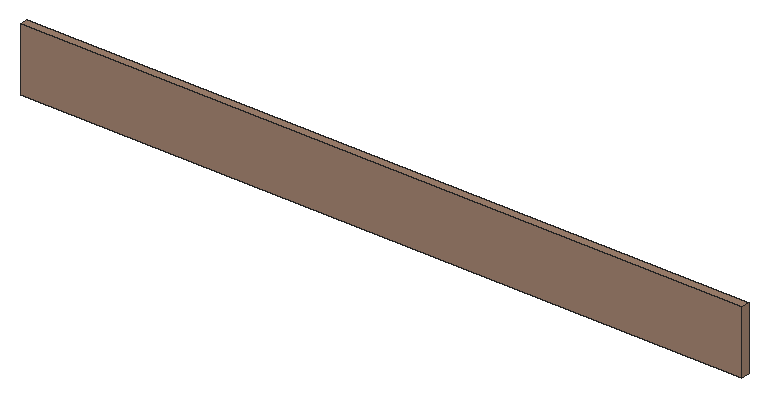
Revit family "KLS - plank_curtain wall panel", category Generic Models, Revit 2014
Parameters (values of type "KLS - plank 2cmx15cm_wood")
  thickness = 20 mm
  length [instance] = 1709.195 mm
  height = 150 mm
  Wood = KLS - Wood (Oak)
Types (4, lengths in mm): name | height
  (no name) | 150
  KLS - plank 2cmx20cm_wood | 200
  KLS - plank 2cm25cm_wood | 250
  KLS - plank 2cmx15cm_wood | 150
Reference planes
  plane 1 "Center (Front/Back)": y = 0
  plane 2: z = 0
  plane 3 "Center (Left/Right)": x = 0
  plane 4: y = 20
  plane 5: x = 1709.195
  plane 6: z = 150
Forms (mm)
  Extrusion 1, solid, material "KLS - Wood (Oak)" <- "Wood"
    sketch origin (0, 0, 0) x (1, 0, 0) y (0, 1, 0)
      loop
        line (0, 20) -> (0, 0) -> (1709.195, 0) -> (1709.195, 20) -> (0, 20)
    from 0 to 150
Dimensions and locks
  "length": plane 3 "Center (Left/Right)" to plane 5
  "thickness": plane 4 to plane 1 "Center (Front/Back)"
  "height": plane 6 to plane 2
  aligned and locked: level to plane 2
  aligned and locked: Extrusion 1 sketch curve to plane 4
  aligned and locked: plane 3 "Center (Left/Right)" to Extrusion 1 sketch curve
  aligned and locked: Extrusion 1 sketch curve to plane 1 "Center (Front/Back)"
  aligned and locked: Extrusion 1 sketch curve to plane 5
  aligned and locked: plane 6 to Extrusion 1
